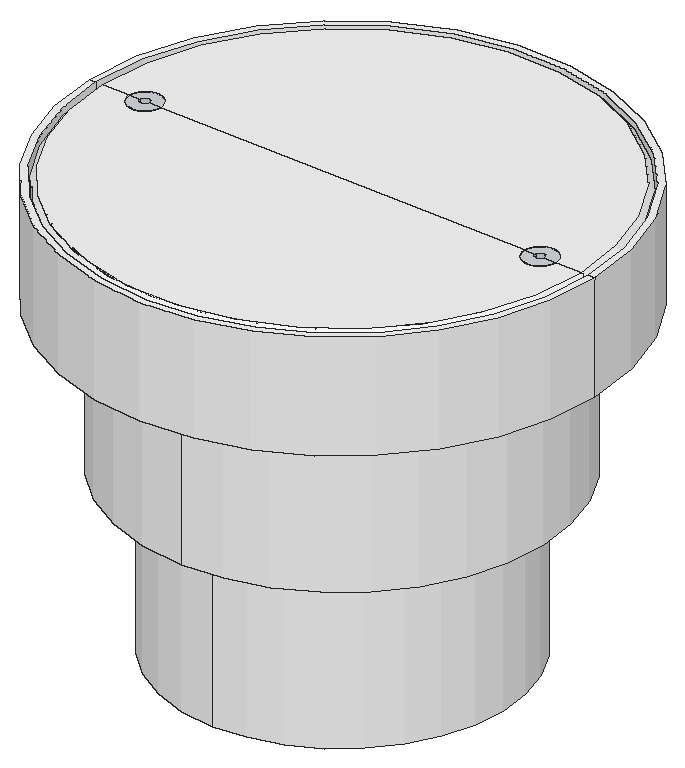
Revit family "P7060", category Plumbing Fixtures, host Face, Revit 2018
Family settings
  Host = Face
  Round Connector Dimension = Use Radius
  Part Type = Normal
  Cut with Voids When Loaded = No
  Shared = No
  Room Calculation Point = No
Parameters (values of type "P7063_Ø4"")
  WFU = 0
  URL = "WWW.MIFAB.COM"
  Pipe Radius = Pipe Diameter / 2  # 0' - 2"
  Pipe Diameter = 0' - 4"
  Model = "P7063"
  Manufacturer = "MIFAB"
  MH-600 = no
  MH-501 = no
  MH-401 = yes
  MH-301 = no
  Floor Drain Material = Paint - Sherwin Williams Paint - #952C2A - Bellwood Red
  Description = "6\" ROUND, TYPE 316 STAINLESS STEEL FABRICATED INDUSTRIAL FLOOR CLEANOUT"
  Default Elevation = 0' - 0"
  CWFU = 0
  Assembly Code = ""
Types (2): name | Pipe Radius | Pipe Diameter | MH-401 | MH-301
  P7063_Ø3" | 0' - 1 1/2" | 0' - 3" | no | yes
  P7063_Ø4" | 0' - 2" | 0' - 4" | yes | no
Reference planes (in)
  plane 1 "Center (Front/Back)": y = 0
  plane 2: z = 0
  plane 3 "Center (Left/Right)": x = 0
  plane 4: z = -2.375
  plane 5: y = -2
  plane 6: y = 2
  plane 7: y = -3.10687
  plane 8: y = -1.38189
  plane 9: z = -5.5
  plane 10: z = -3.37402
  plane 11: x = -3.3125
  plane 12: x = 3.3125
  plane 13: y = -3.3125
  plane 14: y = 3.3125
  plane 15: z = -0.5625
  plane 16: z = -1.39323
  plane 17: y = -1.88189
  plane 18: y = -2.63567
  plane 19: y = -0.70312
Forms (in)
  Revolve 1, solid, material "Paint - Sherwin Williams Paint - #952C2A - Bellwood Red" <- "Floor Drain Material"
    sketch origin (0, 0.04396, -2.375) x (0, 1, 0) y (0, 0, 1)
      loop
        line (-2.04396, -0.99902) -> (-2.16207, -0.99902) -> (-2.16207, -3.125) -> (-2.04396, -3.125) -> (-2.04396, -0.99902)
      axis (-0.04396, -3.125) -> (-0.04396, -0.99902)
    angle from 0 to 360
  Revolve 2, solid, material "Paint - Sherwin Williams Paint - #952C2A - Bellwood Red" <- "Floor Drain Material"
    sketch origin (0, 0, 0) x (1, 0, 0) y (0, 0, 1)
      loop
        line (2.10172, -0.65625) -> (3.22801, -0.65625) -> (3.22801, -0.5625) -> (2.10172, -0.5625) -> (2.10172, -0.65625)
      axis (0, -0.65625) -> (0, -0.5625)
    angle from 0 to 360
  Revolve 3, solid, material "Paint - Sherwin Williams Paint - #952C2A - Bellwood Red" <- "Floor Drain Material"
    sketch origin (0, 0, 0) x (1, 0, 0) y (0, 0, 1)
      loop
        line (1.94547, -1.39323) -> (3.3125, -1.39323) -> (3.3125, 0) -> (3.22801, 0) -> (3.22801, -1.30729) -> (1.94547, -1.30729) -> (1.94547, -1.39323)
      axis (0, -1.39323) -> (0, 0)
    angle from 0 to 360
  Revolve 4, solid, material "Paint - Sherwin Williams Paint - #952C2A - Bellwood Red" <- "Floor Drain Material"
    sketch origin (0, 0, 0) x (0, 1, 0) y (0, 0, 1)
      loop
        line (-2, -1.39323) -> (-2.63567, -1.39323) -> (-2.63567, -3.37402) -> (-2, -3.37402) -> (-2, -1.39323)
      axis (0, -3.37402) -> (0, -1.39323)
    angle from 0 to 360
  Revolve 5, solid, material "Paint - Sherwin Williams Paint - #952C2A - Bellwood Red" <- "Floor Drain Material"
    sketch origin (0, 0, 0) x (1, 0, 0) y (0, 0, 1)
      loop
        line (3.14781, -0.5625) -> (3.20196, -0.50835) -> (3.20196, -0.06587) -> (3.13609, 0) -> (0, 0) -> (0, -0.5625) -> (3.14781, -0.5625)
      axis (0, -0.5625) -> (0, 0)
    angle from 0 to 360
  Revolve 6, solid, material "Paint - Sherwin Williams Paint - #952C2A - Bellwood Red" <- "Floor Drain Material"
    sketch origin (0, 0, 0) x (0, 1, 0) y (0, 0, 1)
      loop
        line (-2, -1.92151) -> (-1.88281, -1.92151) -> (-1.88281, -1.51041) -> (-0.76446, -1.51041)
        arc (-0.76446, -1.51041) -> (-0.72108, -1.52838) -> (-0.70312, -1.57176) r 0.06135
        line (-0.70312, -1.57176) -> (-0.70312, -1.83547)
        arc (-0.70312, -1.83547) -> (-0.67792, -1.89631) -> (-0.61708, -1.92151) r 0.08604
        line (-0.61708, -1.92151) -> (-0.31416, -1.92151)
        arc (-0.31416, -1.92151) -> (-0.27168, -1.93911) -> (-0.25409, -1.98159) r 0.06007
        line (-0.25409, -1.98159) -> (-0.25409, -2.15325)
        arc (-0.25409, -2.15325) -> (-0.17941, -2.33147) -> (0, -2.40322) r 0.25
        line (0, -2.40322) -> (0, -2.29445)
        arc (0, -2.29445) -> (-0.0854, -2.27073) -> (-0.1369, -2.19859) r 0.13291
        line (-0.1369, -2.19859) -> (-0.1369, -1.89908)
        arc (-0.1369, -1.89908) -> (-0.16465, -1.83208) -> (-0.23165, -1.80433) r 0.09475
        line (-0.23165, -1.80433) -> (-0.54806, -1.80433)
        arc (-0.54806, -1.80433) -> (-0.57484, -1.79324) -> (-0.58593, -1.76646) r 0.03786
        line (-0.58593, -1.76646) -> (-0.58593, -1.56218)
        arc (-0.58593, -1.56218) -> (-0.63542, -1.44271) -> (-0.75489, -1.39323) r 0.16896
        line (-0.75489, -1.39323) -> (-2, -1.39323) -> (-2, -1.92151)
      axis (0, -1.39323) -> (0, -2.40322)
    angle from 0 to 360
  Revolve 7, solid
    sketch origin (0, 0, 0) x (1, 0, 0) y (0, 0, 1)
      loop
        line (2.58931, -0.75666) -> (2.66565, -0.75666) -> (2.68492, -0.10983) -> (2.79474, 0) -> (2.64904, 0) -> (2.64904, -0.06587) -> (2.58931, -0.06587) -> (2.58931, -0.75666)
      axis (2.58931, 0) -> (2.58931, -0.75666)
    angle from 0 to 360
  Revolve 8, solid
    sketch origin (0, 0, 0) x (-1, 0, 0) y (0, 0, 1)
      loop
        line (2.58931, -0.75666) -> (2.66565, -0.75666) -> (2.68492, -0.10983) -> (2.79474, 0) -> (2.64904, 0) -> (2.64904, -0.06587) -> (2.58931, -0.06587) -> (2.58931, -0.75666)
      axis (2.58931, 0) -> (2.58931, -0.75666)
    angle from 0 to 360
  Extrusion 9, void
    sketch origin (0, 0, 0) x (1, 0, 0) y (0, 1, 0)
      loop
        circle (-2.58931, 0) r 0.20543
      loop
        circle (2.58931, 0) r 0.20543
    from -0.06587 to 0
Cuts and joins
  Extrusion 9 cuts Revolve 5
Lines and regions (in)
  model lines, not visible
    curve 1: line (6.7156, 0, 9.07611) -> (12.5156, 0, 9.07611)
    curve 2: line (12.5156, 0, 9.07611) -> (12.5156, 0, 10.82611)
    curve 3: line (12.5156, 0, 10.82611) -> (6.7156, 0, 10.82611)
    curve 4: line (6.7156, 0, 10.82611) -> (6.7156, 0, 9.07611)
    curve 5: line (7.13163, 0, 10.86539) -> (7.13163, 0, 12.86539)
    curve 6: line (7.13163, 0, 12.86539) -> (15.53163, 0, 12.86539)
    curve 7: line (15.53163, 0, 12.86539) -> (15.53163, 0, 10.86539)
    curve 8: line (11.33163, 0, 12.86539) -> (11.33163, 0, 12.36539)
    curve 9: line (10.38306, 10.17879, 0) -> (10.38306, 12.67879, 0)
    curve 10: line (10.38306, 12.67879, 0) -> (20.88306, 12.67879, 0)
    curve 11: line (20.88306, 12.67879, 0) -> (20.88306, 10.17879, 0)
    curve 12: line (15.63306, 12.67879, 0) -> (15.63306, 10.92879, 0)
    curve 13: line (10.06912, 0, 4.67543) -> (10.06912, 0, 6.92543)
    curve 14: line (10.06912, 0, 6.92543) -> (-0.26488, 0, 6.92543)
    curve 15: line (-0.26488, 0, 6.92543) -> (-0.26488, 0, 4.42543)
    curve 16: line (10.75678, 9.64709, 0) -> (10.75678, 10.89709, 0)
    curve 17: line (10.75678, 10.89709, 0) -> (15.25678, 10.89709, 0)
    curve 18: line (15.25678, 10.89709, 0) -> (15.25678, 9.64709, 0)
    curve 19: line (13.00678, 10.89709, 0) -> (13.00678, 10.14709, 0)
    curve 20: line (6.88273, 9.30587, 0) -> (6.88273, 10.55587, 0)
    curve 21: line (6.88273, 10.55587, 0) -> (20.08273, 10.55587, 0)
    curve 22: line (20.08273, 10.55587, 0) -> (20.08273, 9.30587, 0)
    curve 23: line (13.48273, 10.55587, 0) -> (13.48273, 9.80587, 0)
    curve 24: line (16.96132, 12.87513, 0) -> (16.96132, 15.37513, 0)
    curve 25: line (16.96132, 15.37513, 0) -> (27.46132, 15.37513, 0)
    curve 26: line (27.46132, 15.37513, 0) -> (27.46132, 12.87513, 0)
    curve 27: line (22.21132, 15.37513, 0) -> (22.21132, 14.12513, 0)
    curve 28: line (4.80401, 26.27015, 0) -> (4.80401, 28.52015, 0)
    curve 29: line (4.80401, 28.52015, 0) -> (15.86651, 28.52015, 0)
    curve 30: line (15.86651, 28.52015, 0) -> (15.86651, 26.27015, 0)
    curve 31: line (10.33526, 28.52015, 0) -> (10.33526, 27.02015, 0)
    curve 32: line (4.80401, 26.27015, 0) -> (4.80401, 28.52015, 0)
    curve 33: line (4.80401, 28.52015, 0) -> (9.80401, 28.52015, 0)
    curve 34: line (9.80401, 28.52015, 0) -> (9.80401, 26.27015, 0)
    curve 35: line (7.30401, 28.52015, 0) -> (7.30401, 27.02015, 0)
    curve 36: line (4.30401, 26.27015, 0) -> (4.30401, 28.52015, 0)
    curve 37: line (4.30401, 28.52015, 0) -> (10.30401, 28.52015, 0)
    curve 38: line (10.30401, 28.52015, 0) -> (10.30401, 26.27015, 0)
    curve 39: line (7.30401, 28.52015, 0) -> (7.30401, 27.02015, 0)
    curve 40: line (10.02403, 24.13739, 0) -> (10.02403, 27.63739, 0)
    curve 41: line (10.02403, 27.63739, 0) -> (16.39403, 27.63739, 0)
    curve 42: line (16.39403, 27.63739, 0) -> (16.39403, 24.13739, 0)
    curve 43: line (13.20903, 27.63739, 0) -> (13.20903, 25.88739, 0)
    curve 44: line (8.2728, 12.17441, 0) -> (8.2728, 14.17441, 0)
    curve 45: line (8.2728, 14.17441, 0) -> (14.8978, 14.17441, 0)
    curve 46: line (14.8978, 14.17441, 0) -> (14.8978, 12.17441, 0)
    curve 47: line (11.5853, 14.17441, 0) -> (11.5853, 13.42441, 0)
Dimensions and locks (in)
  equal spacing: plane 6, plane 1 "Center (Front/Back)", plane 5
  "Pipe Diameter": plane 6 to plane 5
  "Pipe Radius": plane 1 "Center (Front/Back)" to plane 5
  locked: plane 2 to plane 9 at 5.5
  locked: plane 10 to plane 9 at 2.12598
  equal spacing: plane 11, plane 3 "Center (Left/Right)", plane 12
  plane 11 to plane 12 = 0' - 6 5/8"
  equal spacing: plane 14, plane 1 "Center (Front/Back)", plane 13
  plane 14 to plane 13 = 0' - 6 5/8"
  locked: plane 2 to plane 15 at 0.5625
  locked: plane 17 to plane 5 at 0.11811
  locked: plane 18 to plane 13 at 0.67683
  locked: plane 15 to Revolve 2 sketch curve at 0.09375
  plane 2 to plane 15 = 0' - 0 9/16"
  locked: plane 1 "Center (Front/Back)" to plane 19 at 0.70312
  locked: plane 5 to Revolve 1 sketch curve at 0.11811
  locked: Revolve 6 sketch curve to Revolve 6 sketch curve at 0.11719
  aligned and locked: plane 2 to host face
  aligned and locked: level to host face
  aligned and locked: Revolve 1 sketch curve to plane 5
  aligned and locked: Revolve 1 sketch curve to plane 9
  aligned and locked: plane 10 to Revolve 1 sketch curve
  aligned and locked: plane 16 to Revolve 4 sketch curve
  aligned and locked: Revolve 4 sketch curve to plane 18
  aligned and locked: Revolve 2 sketch curve to plane 15
  aligned and locked: Revolve 2 to Revolve 5 sketch curve
  aligned and locked: host face to Revolve 5 sketch curve
  aligned and locked: Revolve 5 sketch curve to plane 3 "Center (Left/Right)"
  aligned and locked: plane 16 to Revolve 6 sketch curve
  aligned and locked: plane 19 to Revolve 6 sketch curve
  aligned and locked: Extrusion 9 sketch curve to Revolve 8  (x2)
  aligned and locked: Extrusion 9 sketch curve to Revolve 7  (x2)
  aligned and locked: Revolve 4 sketch curve to plane 5
  aligned and locked: plane 5 to Revolve 6 sketch curve
Automatic sketch dimensions
  curve 5 to curve 7 = 0' - 8.4"
  curve 5 to curve 8 = 0' - 4.2"
  curve 5 to curve 5 = 0' - 2"
  curve 7 to curve 6 = 0' - 2"
  curve 8 to curve 8 = 0' - 0 1/2"
  curve 32 to curve 34 = 0' - 5"
  curve 35 to curve 34 = 0' - 2 1/2"
  curve 35 to curve 33 = 0' - 1 1/2"
  curve 32 to curve 33 = 0' - 2 1/4"
  curve 34 to curve 35 = 0' - 0 3/4"
  curve 36 to curve 38 = 0' - 6"
  curve 39 to curve 38 = 0' - 3"
  curve 39 to curve 37 = 0' - 1 1/2"
  curve 36 to curve 37 = 0' - 2 1/4"
  curve 38 to curve 39 = 0' - 0 3/4"
  host sketch curve to host sketch curve = 8' - 0"  (x2)
  Revolve 2 sketch curve to plane 3 "Center (Left/Right)" = 0' - 0"
  plane 12 to Revolve 2 sketch curve = 0' - 1.21078"
  plane 12 to Revolve 2 sketch curve = 0' - 0.08449"
  level to Revolve 2 sketch curve = 0' - 0.19271"
  Revolve 2 sketch curve to Revolve 2 sketch curve = 0' - 2.04584"
  Revolve 3 sketch curve to plane 3 "Center (Left/Right)" = 0' - 0"
  Revolve 3 sketch curve to plane 16 = 0' - 0"
  Revolve 3 sketch curve to level = 0' - 0"
  plane 12 to Revolve 3 sketch curve = 0' - 0"
  plane 16 to Revolve 3 sketch curve = 0' - 0 11/128"
  plane 12 to Revolve 3 sketch curve = 0' - 1.36703"
  plane 12 to Revolve 3 sketch curve = 0' - 0.08449"
  level to Revolve 3 sketch curve = 0' - 0.19271"
  Revolve 3 sketch curve to Revolve 3 sketch curve = 0' - 2.04584"
  Revolve 4 sketch curve to plane 1 "Center (Front/Back)" = 0' - 0"
  Revolve 4 sketch curve to plane 10 = 0' - 0"
  level to Revolve 4 sketch curve = 0' - 1.85677"
  Revolve 4 sketch curve to Revolve 4 sketch curve = 0' - 0 3/4"
  Revolve 5 sketch curve to plane 3 "Center (Left/Right)" = 0' - 0"
  plane 12 to Revolve 5 sketch curve = 0' - 0.17641"
  plane 12 to Revolve 5 sketch curve = 0' - 0.16469"
  Revolve 5 sketch curve to Revolve 5 sketch curve = 0' - 0.06587"
  plane 15 to Revolve 5 sketch curve = 0' - 0.05415"
  Revolve 5 sketch curve to level = 0' - 0.06587"
  level to Revolve 5 sketch curve = 0' - 0.19271"
  Revolve 5 sketch curve to Revolve 5 sketch curve = 0' - 2.04584"
  Revolve 7 sketch curve to level = 0' - 0"
  Revolve 7 sketch curve to plane 15 = 0' - 0.19416"
  plane 12 to Revolve 7 sketch curve = 0' - 0.72319"
  Revolve 7 sketch curve to Revolve 7 sketch curve = 0' - 0.05973"
  Revolve 7 sketch curve to Revolve 7 sketch curve = 0' - 0.07634"
  Revolve 7 sketch curve to level = 0' - 0.10983"
  Revolve 7 sketch curve to Revolve 7 sketch curve = 0' - 0.03587"
  Revolve 7 sketch curve to Revolve 7 sketch curve = 0' - 0.1457"
  Revolve 7 sketch curve to level = 0' - 0.06587"
  Revolve 7 sketch curve to Revolve 7 sketch curve = 0' - 0.0956"
  Revolve 7 sketch curve to Revolve 7 sketch curve = 0' - 0.07867"
  Revolve 7 sketch curve to Revolve 7 sketch curve = 0' - 0.18657"
  Revolve 8 sketch curve to level = 0' - 0"
  plane 15 to Revolve 8 sketch curve = 0' - 0.19416"
  Revolve 8 sketch curve to plane 11 = 0' - 0.72319"
  Revolve 8 sketch curve to Revolve 8 sketch curve = 0' - 0.05973"
  Revolve 8 sketch curve to Revolve 8 sketch curve = 0' - 0.07634"
  level to Revolve 8 sketch curve = 0' - 0.10983"
  Revolve 8 sketch curve to Revolve 8 sketch curve = 0' - 0.03587"
  Revolve 8 sketch curve to Revolve 8 sketch curve = 0' - 0.1457"
  level to Revolve 8 sketch curve = 0' - 0.06587"
  Revolve 8 sketch curve to Revolve 8 sketch curve = 0' - 0.0956"
  Revolve 8 sketch curve to Revolve 8 sketch curve = 0' - 0.07867"
  Revolve 8 sketch curve to Revolve 8 sketch curve = 0' - 0.18657"
  Revolve 1 sketch curve to plane 1 "Center (Front/Back)" = 0' - 0"
  Revolve 1 sketch curve to plane 9 = 0' - 0 5/8"
  Revolve 1 sketch curve to Revolve 1 sketch curve = 0' - 1 7/8"
  Revolve 6 sketch curve to plane 1 "Center (Front/Back)" = 0' - 0"  (x2)
  Revolve 6 sketch curve to Revolve 6 sketch curve = 0' - 0.06135"
  Revolve 6 sketch curve to Revolve 6 sketch curve = 0' - 0.00958"  (x2)
  plane 19 to Revolve 6 sketch curve = 0' - 0.08604"
  Revolve 6 sketch curve to Revolve 6 sketch curve = 0' - 0.03115"  (x2)
  Revolve 6 sketch curve to Revolve 6 sketch curve = 0' - 0.03786"
  Revolve 6 sketch curve to Revolve 6 sketch curve = 0' - 0.2339"
  Revolve 6 sketch curve to Revolve 6 sketch curve = 0' - 0.06007"
  Revolve 6 sketch curve to Revolve 6 sketch curve = 0' - 0.08251"
  Revolve 6 sketch curve to Revolve 6 sketch curve = 0' - 0.09475"
  plane 1 "Center (Front/Back)" to Revolve 6 sketch curve = 0' - 0.00916"
  plane 1 "Center (Front/Back)" to Revolve 6 sketch curve = 0' - 0.00409"
  Revolve 6 sketch curve to Revolve 6 sketch curve = 0' - 0.20428"
  Revolve 6 sketch curve to Revolve 6 sketch curve = 0' - 0.4111"
  Revolve 6 sketch curve to Revolve 6 sketch curve = 0' - 0.25417"
  Revolve 6 sketch curve to Revolve 6 sketch curve = 0' - 0.0086"
  Revolve 6 sketch curve to Revolve 6 sketch curve = 0' - 0.04534"
  Revolve 6 sketch curve to Revolve 6 sketch curve = 0' - 0"
  Revolve 6 sketch curve to Revolve 6 sketch curve = 0' - 0.14123"
Connectors (in)
  piping at (0, 0, -5.5), diameter 4, driven by "Pipe Radius"
    settings: on Revolve 1, index 1, connector inside diameter 24", connector length 0' - 0", flow factor 0, pipe flow 0 GPM, pressure drop 0.00 psi, fitting loss kfactor 0, connector angle 0.00°, fixture units 0, engagement length 0' - 0", angle of deflection 0.00°, flow configuration 0, flow direction 0, fitting loss method 0, system type 7, joint type 0, gender type 0, connector reference index -1, connector utility 0, adjustable connector no, is connector primary yes, connector description ""
